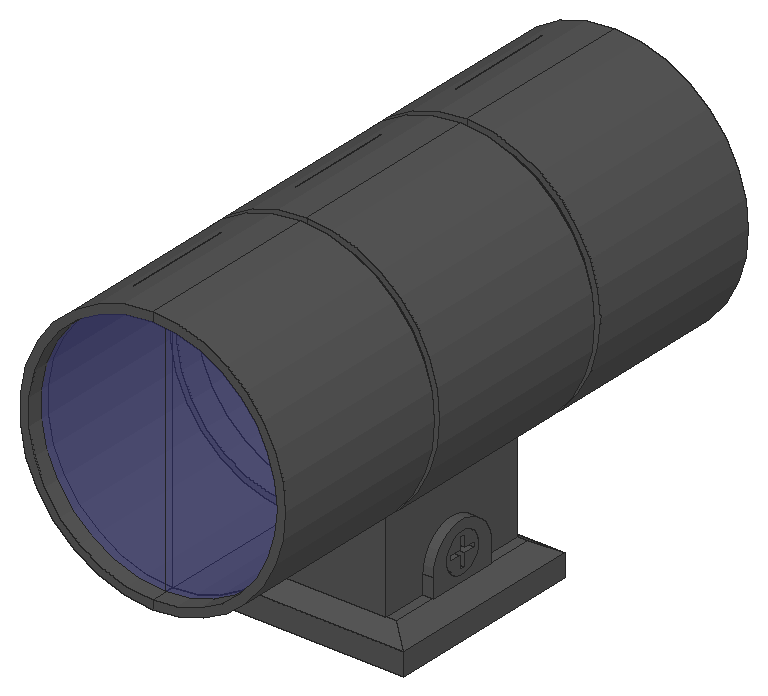
Revit family "CARLO CYLINDER LIGHT WALL MOUNT", category Lighting Fixtures, host Face, Revit 2020 (continued)
Types (10): name | Wattage_Input | Wattage Comments | Wattage | Photometric Web File | built-in parameter 1150142 | Model | built-in parameter 1150105 | Lumens | Light Length 1 | LIGHT RADIUS | LIGHT PLACEMENT | LIGHT LENGTH | LIGHT DIA | built-in parameter 1150106 | FIXED END HEIGHT | Curve base Height | Base Curve | BEAMING ANGLE | Apparent Load
     286.1 283.63 280.14 275.89 267.6 250.16 229.38 210.29 \r\n 190.12 167.18 143.34 119.82 96.813 74.269 54.066 37.905 26.271 21.442 \r\n 19.74 18.134 16.962 15.333 13.901 13.152 12.693 12.291 11.951 11.592 \r\n 11.236 10.877 10.526 10.2 9.8754 9.5292 9.1788 8.834 8.4951 8.1655 \r\n 7.845 7.538 7.2332 6.9159 6.6 6.2978 6.0003 5.7022 5.4038 5.0978 \r\n 4.8018 4.54 4.2851 4.0083 3.739 3.505 3.2826 3.0524 2.8292 2.6251 \r\n 2.4296 2.2344 2.0459 1.8694 1.7007 1.537 1.38 1.2273 1.0878 0.97262 \r\n 0.87307 0.783 0.70617 0.64669 0.59733 0.55105 0.5114 0.48152 0.45557 0.4281 \r\n 0.40346 0.38636 0.37027 0.34873 0.32627 0.30434 0.2858 0.27591 0.26893 0.26032 \r\n 0.25179 0.24352 0.23555 0.22824 0.22092 0.21263 0.20458 0.2007 0.1918 0.17003 \r\n 0.13537 0.075015 0.019458 0.0032744 0.0014064 0 0.000016 0 0 0 \r\n 0 0 0 0 0.00018387 0.007563 0.021632 0.041717 0.075336 0.14231 \r\n 0.20506 0.22207 0.22489 0.2342 0.24102 0.24174 0.24096 0.24201 0.2451 0.25149 \r\n 0.26134 0.27582 0.29319 0.3128 0.3326 0.34967 0.3659 0.38154 0.39857 0.41958 \r\n 0.44308 0.47082 0.50245 0.53684 0.57814 0.63271 0.6928 0.74677 0.81266 0.91158 \r\n 1.0227 1.126 1.2397 1.3796 1.5337 1.6937 1.8639 2.0478 2.2397 2.4338 \r\n 2.6341 2.8405 3.0596 3.3037 3.5552 3.7917 4.0396 4.3292 4.6256 4.8923 \r\n 5.1642 5.4743 5.7921 6.0898 6.3914 6.7192 7.0501 7.3656 7.6743 7.973 \r\n 8.2789 8.613 8.9611 9.3186 9.6777 10.019 10.372 10.769 11.181 11.602 \r\n 12.001 12.314 12.643 13.081 13.59 14.107 14.805 15.872 17.196 18.21 \r\n 20.471 24.872 32.844 46.725 64.689 86.355 109.73 132.39 155.22 178.68 \r\n 201.68 223.61 243.48 260.42 273.41 279.98 283.5 286.56 288.92 291.19 \r\n 293.34 295.54 297.86 300.3 303.25 307.55 311.83 314.63 317.1 319.94 \r\n 322.99 326.25 329.94 334.58 339.34 343.18 347.16 351.68 357.68 366.64 \r\n 377.35 388.7 401.89 417.67 436.32 458.13 483.76 513.87 548.72 589.07 \r\n 634.13 683.68 736.81 792.97 850.91 909.09 967.82 1027.3 1086.4 1143.8 \r\n 1199.4 1252.5 1303.5 1352.6 1400.2 1447 1492.8 1538 1581.9 1624.1 \r\n 1664.6 1704.2 1741.3 1774.9 1805.1 1831.5 1855.1 1876.7 1896.8 1915.7 \r\n 1933.3 1949.5 1964.1 1977 1987.8 1995.6 2001.7 2007.2 2011.2 2013.1 \r\n 2013.2 \r\n2008.1 2010.2 2006.2 2001.2 1994.8 1986.5 1976.3 1964 1949.5 1932.7 \r\n 1913.9 1893.3 1871 1847.8 1822.9 1796.5 1767.6 1734.9 1699.4 1661.2 \r\n 1621.3 1581.1 1540 1498 1454.8 1409.9 1363.2 1314.5 1263.5 1208.7 \r\n 1152.3 1096.5 1039.5 979.88 920.02 862.04 805.57 750.74 698.19 648.25 \r\n 601.98 560.55 524.03 493.39 467.12 444.1 424.24 407.21 392.54 379.64 \r\n 368.49 358.83 350.7 344.14 338.78 334.31 330.51 327.13 324.05 321.04 \r\n 318.16 315.46 312.68 309.56 306.24 302.59 299.14 296.57 294.34 292.19 \r\n 290.08 287.98 285.65 283.13 279.58 275.25 266.95 249.87 229.19 209.07 \r\n 187.86 164.89 141.38 118.32 95.688 73 52.665 36.928 25.793 21.19 \r\n 19.583 17.925 16.683 15.131 13.802 13.106 12.676 12.272 11.924 11.579 \r\n 11.241 10.89 10.543 10.216 9.8909 9.5471 9.1985 8.8503 8.508 8.1796 \r\n 7.8624 7.5622 7.2613 6.935 6.6091 6.3057 6.0106 5.7183 5.4251 5.1176 \r\n 4.8185 4.5559 4.3012 4.026 3.7585 3.5251 3.3022 3.0688 2.8427 2.639 \r\n 2.4449 2.2503 2.062 1.8837 1.7142 1.5546 1.4018 1.249 1.1087 0.99455 \r\n 0.89641 0.80751 0.7312 0.67072 0.61959 0.57092 0.52923 0.4995 0.4735 0.44599 \r\n 0.42096 0.40252 0.38522 0.36381 0.34172 0.31964 0.30049 0.28917 0.2805 0.27031 \r\n 0.26056 0.25174 0.24403 0.23849 0.23293 0.22478 0.21626 0.21219 0.20216 0.17592 \r\n 0.13782 0.08083 0.028903 0.010499 0.0050811 0.0010836 0.000057 0 0 0 \r\n 0 0 0 0 0.00012698 0.004203 0.015154 0.035818 0.07028 0.13515 \r\n 0.19568 0.21266 0.21609 0.22585 0.23305 0.23379 0.23292 0.23395 0.23702 0.24343 \r\n 0.25319 0.26726 0.28408 0.30289 0.32235 0.34067 0.35843 0.37474 0.39211 0.41334 \r\n 0.43681 0.46338 0.49353 0.5269 0.5669 0.61838 0.67659 0.73387 0.80386 0.9034 \r\n 1.0152 1.1227 1.2408 1.3821 1.5366 1.697 1.868 2.0547 2.2485 2.4384 \r\n 2.636 2.8504 3.0776 3.3191 3.5687 3.8156 4.0746 4.3652 4.6615 4.9344 \r\n 5.213 5.5261 5.8453 6.1427 6.4457 6.783 7.1229 7.4378 7.7444 8.0439 \r\n 8.3553 8.707 9.0724 9.4337 9.7942 10.144 10.506 10.914 11.332 11.741 \r\n 12.128 12.442 12.77 13.182 13.669 14.19 14.908 16.019 17.388 18.372 \r\n 20.686 25.413 33.801 48.116 66.386 87.915 111.14 134.14 157.3 180.72 \r\n 203.33 224.12 243.06 260.55 274.3 280.79 284.02 286.97 289.25 291.49 \r\n 293.65 295.83 298.16 300.65 303.65 307.97 312.27 315.13 317.66 320.52 \r\n 323.59 326.86 330.53 335.06 339.71 343.59 347.68 352.33 358.44 367.39 \r\n 378.11 389.59 402.99 419.05 437.99 459.95 485.8 516.48 551.97 592.83 \r\n 638.34 688.28 741.75 798.19 856.29 914.38 973.02 1032.8 1092 1148.7 \r\n 1203.5 1256.3 1307.3 1356.2 1403.8 1450.6 1496.5 1541.9 1586.1 1628.7 \r\n 1669.7 1709.1 1746.1 1779.6 1809.7 1836 1859.6 1881 1900.7 1919 \r\n 1936 1951.9 1966.2 1978.6 1989 1996.5 2002.3 2007.7 2011.6 2013.4 \r\n 2013.2 \r\n2008.1 2009.7 2005.4 2000.3 1993.8 1985.4 1975.2 1962.9 1948.5 1932 \r\n 1913.4 1892.5 1869.9 1846.1 1820.7 1793.6 1764.1 1731.2 1695.6 1657.2 \r\n 1617.1 1576.6 1535.3 1493.8 1450.9 1405.9 1359 1310.3 1259.1 1204.3 \r\n 1147.7 1091.4 1034.3 975.36 916.21 858.13 801.47 746.86 694.64 645 \r\n 599.07 558 521.88 491.78 465.96 442.89 422.9 406.04 391.58 378.76 \r\n 367.67 358.19 350.19 343.53 338.03 333.52 329.73 326.33 323.28 320.43 \r\n 317.73 315.12 312.4 309.26 305.91 302.28 298.86 296.28 294.04 291.87 \r\n 289.73 287.57 285.18 282.63 279.01 274.42 265.97 249.39 229 207.85 \r\n 185.55 162.53 139.35 116.76 94.542 71.714 51.245 35.944 25.315 20.929 \r\n 19.404 17.681 16.364 14.907 13.7 13.061 12.659 12.253 11.897 11.568 \r\n 11.249 10.907 10.563 10.237 9.9101 9.5684 9.2213 8.8696 8.5238 8.1963 \r\n 7.8821 7.5887 7.2916 6.9565 6.6204 6.3151 6.022 5.7365 5.4494 5.1404 \r\n 4.838 4.574 4.319 4.0453 3.7794 3.5465 3.3228 3.0861 2.8569 2.6537 \r\n 2.4609 2.267 2.0788 1.8985 1.728 1.5726 1.4244 1.2717 1.1308 1.0179 \r\n 0.92123 0.83357 0.75774 0.69599 0.64284 0.59185 0.54822 0.5185 0.49233 0.46493 \r\n 0.43966 0.41972 0.40104 0.37995 0.3585 0.33659 0.31698 0.30375 0.29282 0.28083 \r\n 0.26979 0.26052 0.25324 0.24972 0.24619 0.23845 0.2296 0.2251 0.21366 0.18299 \r\n 0.14158 0.088043 0.039716 0.018717 0.0093014 0.0028082 0.00010378 0 0 0 \r\n 0 0 0 0 0.000072 0.00087295 0.0086758 0.029733 0.064758 0.12707 \r\n 0.18511 0.20242 0.20694 0.21734 0.22499 0.22583 0.22492 0.22592 0.22892 0.23529 \r\n 0.24489 0.25842 0.27463 0.2927 0.31194 0.33163 0.35099 0.368 0.38569 0.40702 \r\n 0.4303 0.45542 0.48384 0.51617 0.55474 0.60247 0.65822 0.71903 0.79331 0.89273 \r\n 1.0046 1.1163 1.2388 1.3817 1.5368 1.6972 1.8684 2.0577 2.2532 2.4389 \r\n 2.6337 2.8559 3.0913 3.3299 3.5774 3.8347 4.1047 4.3959 4.6919 4.9716 \r\n 5.2573 5.5734 5.8937 6.1902 6.494 6.8405 7.1894 7.5038 7.8087 8.1096 \r\n 8.4273 8.797 9.1803 9.545 9.9068 10.265 10.636 11.053 11.473 11.868 \r\n 12.238 12.556 12.884 13.267 13.728 14.253 14.995 16.154 17.569 18.528 \r\n 20.887 25.894 34.653 49.401 67.985 89.366 112.43 135.75 159.23 182.62 \r\n 204.87 224.52 242.53 260.58 275.1 281.54 284.54 287.37 289.57 291.78 \r\n 293.93 296.11 298.44 300.99 304.05 308.36 312.66 315.61 318.22 321.1 \r\n 324.16 327.44 331.08 335.43 339.94 343.9 348.13 352.96 359.21 368.11 \r\n 378.78 390.4 404.01 420.35 439.56 461.64 487.68 518.84 554.9 596.2 \r\n 642.09 692.36 746.09 802.73 860.94 918.92 977.48 1037.6 1096.9 1152.9 \r\n 1206.9 1259.5 1310.5 1359.3 1406.9 1453.8 1499.9 1545.4 1589.9 1633 \r\n 1674.4 1713.9 1750.7 1784.1 1814.2 1840.6 1864.2 1885.5 1904.9 1922.7 \r\n 1939 1954.5 1968.5 1980.5 1990.4 1997.5 2003 2008.3 2012.1 2013.6 \r\n 2013.2 \r\n2008.1 2009.3 2004.7 1999.4 1992.9 1984.4 1974.1 1961.9 1947.7 1931.5 \r\n 1913 1892 1869 1844.8 1818.9 1791.2 1761.2 1728.1 1692.4 1653.8 \r\n 1613.5 1572.7 1531.3 1490.1 1447.6 1402.4 1355.3 1306.5 1255.3 1200.3 \r\n 1143.6 1086.9 1029.6 971.28 912.78 854.58 797.69 743.25 691.32 641.94 \r\n 596.3 555.55 519.81 490.25 464.84 441.69 421.55 404.87 390.62 377.87 \r\n 366.85 357.6 349.77 343.07 337.45 332.89 329.07 325.65 322.62 319.92 \r\n 317.37 314.85 312.16 309 305.61 302 298.6 296.02 293.77 291.58 \r\n 289.42 287.2 284.74 282.18 278.47 273.38 264.58 248.57 228.64 206.65 \r\n 183.41 160.35 137.43 115.26 93.406 70.482 49.93 35.038 24.875 20.683 \r\n 19.225 17.433 16.043 14.689 13.612 13.025 12.644 12.236 11.871 11.558 \r\n 11.257 10.922 10.583 10.257 9.9291 9.5892 9.2431 8.8883 8.5393 8.2122 \r\n 7.9005 7.6131 7.3196 6.9768 6.6318 6.3241 6.0324 5.7535 5.4725 5.1621 \r\n 4.8565 4.5909 4.3352 4.0625 3.7978 3.5652 3.3408 3.101 2.8689 2.6661 \r\n 2.4746 2.2813 2.0932 1.9109 1.7394 1.5878 1.4439 1.2917 1.1505 1.0388 \r\n 0.94342 0.8569 0.78152 0.71853 0.66351 0.61058 0.56537 0.53555 0.50915 0.48199 \r\n 0.45664 0.43518 0.41512 0.39443 0.37379 0.3524 0.3326 0.3174 0.30411 0.2904 \r\n 0.27821 0.26859 0.26181 0.26021 0.25863 0.25143 0.24238 0.23729 0.22439 0.1899 \r\n 0.14567 0.095107 0.049821 0.026416 0.013343 0.0044752 0.00014882 0 0 0 \r\n 0 0 0 0 0.000026 0 0.0032684 0.024415 0.059582 0.11933 \r\n 0.17499 0.1928 0.19858 0.20963 0.21775 0.21874 0.21782 0.21879 0.22174 0.2281 \r\n 0.23755 0.25059 0.26622 0.28367 0.30277 0.32375 0.34461 0.36223 0.38017 0.4015 \r\n 0.42452 0.4482 0.47494 0.50646 0.54383 0.58783 0.641 0.70508 0.78325 0.88197 \r\n 0.99317 1.1085 1.2353 1.3801 1.536 1.6958 1.8666 2.0583 2.2553 2.4372 \r\n 2.6294 2.8587 3.1015 3.3379 3.5835 3.85 4.1297 4.4216 4.7175 5.0034 \r\n 5.296 5.615 5.9365 6.2317 6.5358 6.8904 7.2474 7.5618 7.8656 8.1683 \r\n 8.4919 8.8784 9.278 9.6459 10.009 10.374 10.754 11.175 11.594 11.972 \r\n 12.326 12.649 12.98 13.334 13.77 14.303 15.069 16.274 17.733 18.671 \r\n 21.065 26.299 35.375 50.541 69.437 90.684 113.59 137.18 160.92 184.31 \r\n 206.26 224.91 242.1 260.61 275.8 282.21 285.01 287.74 289.86 292.04 \r\n 294.19 296.37 298.72 301.33 304.45 308.74 313.03 316.06 318.76 321.66 \r\n 324.71 327.98 331.57 335.73 340.08 344.12 348.51 353.53 359.93 368.75 \r\n 379.34 391.09 404.92 421.52 440.96 463.13 489.31 520.88 557.39 599.06 \r\n 645.27 695.82 749.74 806.5 864.74 922.62 981.11 1041.5 1100.9 1156.2 \r\n 1209.4 1262 1313 1361.9 1409.5 1456.5 1502.8 1548.5 1593.2 1636.9 \r\n 1678.8 1718.3 1755 1788.4 1818.5 1845.1 1868.8 1890.1 1909.2 1926.5 \r\n 1942.4 1957.5 1971.1 1982.7 1992.1 1998.7 2003.9 2008.9 2012.6 2013.9 \r\n 2013.2 \r\n2008.1 2009 2004.1 1998.7 1992 1983.5 1973.1 1961 1947 1931 \r\n 1912.8 1891.6 1868.3 1843.8 1817.6 1789.4 1758.9 1725.7 1689.9 1651.2 \r\n 1610.8 1569.8 1528.4 1487.4 1445.1 1399.9 1352.5 1303.7 1252.4 1197.3 \r\n 1140.4 1083.4 1026 968.06 910.05 851.71 794.59 740.25 688.51 639.33 \r\n 593.91 553.4 517.95 488.85 463.8 440.56 420.27 403.73 389.68 376.99 \r\n 366.05 357.05 349.46 342.76 337.08 332.47 328.61 325.17 322.16 319.56 \r\n 317.12 314.64 311.96 308.78 305.37 301.77 298.39 295.8 293.54 291.34 \r\n 289.15 286.87 284.34 281.82 277.99 272.13 262.72 247.26 227.93 205.49 \r\n 181.66 158.56 135.82 113.91 92.31 69.377 48.841 34.299 24.511 20.476 \r\n 19.069 17.213 15.761 14.506 13.551 13.002 12.632 12.22 11.85 11.548 \r\n 11.261 10.933 10.597 10.272 9.9442 9.6055 9.2598 8.9026 8.5513 8.2241 \r\n 7.9138 7.631 7.3404 6.9925 6.6411 6.3308 6.0394 5.7659 5.4902 5.1787 \r\n 4.8703 4.603 4.3462 4.0738 3.8098 3.5773 3.3523 3.1102 2.876 2.6734 \r\n 2.4826 2.2901 2.1021 1.918 1.7454 1.5969 1.4564 1.305 1.1641 1.0533 \r\n 0.9589 0.87328 0.79827 0.73439 0.67805 0.62388 0.57767 0.5477 0.52106 0.49425 \r\n 0.46896 0.44614 0.42483 0.40453 0.38474 0.36422 0.3447 0.32789 0.31258 0.29755 \r\n 0.28451 0.27469 0.26836 0.26826 0.2682 0.26153 0.25239 0.24662 0.23242 0.19528 \r\n 0.14914 0.10048 0.057143 0.032081 0.016481 0.0058025 0.00018377 0 0 0 \r\n 0 0 0 0 0 0 0 0.020817 0.055559 0.11316 \r\n 0.16696 0.18525 0.19212 0.20372 0.21222 0.21334 0.21246 0.21346 0.21642 0.22287 \r\n 0.23232 0.24503 0.26025 0.27724 0.29625 0.31825 0.34027 0.35835 0.37644 0.39771 \r\n 0.42046 0.44294 0.4684 0.49986 0.53631 0.57729 0.62823 0.69481 0.77587 0.87347 \r\n 0.98363 1.1017 1.2317 1.3787 1.5358 1.6945 1.8643 2.0578 2.2565 2.4353 \r\n 2.6255 2.8606 3.1095 3.3446 3.5893 3.8626 4.1496 4.4423 4.7386 5.0298 \r\n 5.3279 5.6498 5.9728 6.2668 6.5707 6.9315 7.2949 7.6099 7.9135 8.218 \r\n 8.5468 8.9464 9.3587 9.7295 10.093 10.465 10.849 11.271 11.685 12.046 \r\n 12.385 12.715 13.051 13.383 13.799 14.343 15.135 16.379 17.874 18.795 \r\n 21.215 26.616 35.944 51.493 70.691 91.844 114.61 138.37 162.29 185.69 \r\n 207.44 225.38 241.97 260.76 276.37 282.75 285.42 288.07 290.12 292.28 \r\n 294.42 296.6 298.98 301.67 304.85 309.12 313.38 316.49 319.27 322.19 \r\n 325.22 328.48 332.01 335.97 340.16 344.25 348.79 354 360.52 369.25 \r\n 379.76 391.63 405.66 422.48 442.12 464.37 490.65 522.49 559.32 601.29 \r\n 647.78 698.52 752.59 809.39 867.61 925.4 983.81 1044.4 1103.9 1158.5 \r\n 1211.2 1263.7 1314.9 1363.9 1411.6 1458.8 1505.2 1551.1 1596 1640.2 \r\n 1682.6 1722.2 1758.9 1792.3 1822.6 1849.4 1873.3 1894.6 1913.6 1930.5 \r\n 1946 1960.8 1974 1985.1 1994 2000.2 2004.9 2009.7 2013.1 2014.2 \r\n 2013.2 \r\n2008.1 2009.1 2004.2 1998.6 1991.7 1983 1972.6 1960.6 1946.7 1930.7 \r\n 1912.4 1891.3 1868.2 1844 1818.1 1790.1 1759.7 1726.3 1690.2 1651.8 \r\n 1611.7 1571.1 1529.8 1488.6 1446.1 1401 1353.7 1304.9 1253.5 1198.2 \r\n 1141.2 1084.4 1027.2 969.02 910.7 852.4 795.34 740.82 688.85 639.48 \r\n 593.88 553.16 517.54 488.5 463.51 440.11 419.65 403.1 389.07 376.26 \r\n 365.27 356.57 349.34 342.89 337.35 332.69 328.76 325.45 322.57 319.92 \r\n 317.35 314.7 311.88 308.72 305.36 301.73 298.31 295.73 293.48 291.31 \r\n 289.13 286.78 284.17 281.87 277.82 270.01 258.79 243.49 225.19 204.41 \r\n 182.07 159.15 136.04 113.58 91.553 69.027 49.003 34.453 24.539 20.494 \r\n 19.091 17.218 15.76 14.545 13.624 13.045 12.635 12.216 11.844 11.534 \r\n 11.239 10.911 10.577 10.257 9.9328 9.593 9.2458 8.8908 8.5413 8.2114 \r\n 7.8978 7.6132 7.3234 6.9828 6.6379 6.325 6.0288 5.7536 5.4768 5.1644 \r\n 4.8551 4.5868 4.3286 4.0537 3.7874 3.5541 3.3294 3.0899 2.8581 2.6538 \r\n 2.4611 2.2696 2.0828 1.8981 1.724 1.5731 1.431 1.2816 1.1429 1.0318 \r\n 0.93655 0.8505 0.77569 0.71341 0.65917 0.60713 0.56265 0.533 0.50654 0.48014 \r\n 0.45516 0.43209 0.41043 0.38981 0.37031 0.35173 0.33451 0.3193 0.30531 0.29143 \r\n 0.27925 0.26995 0.26366 0.26259 0.26156 0.25503 0.24625 0.24023 0.2262 0.19158 \r\n 0.14685 0.093521 0.046038 0.024298 0.013493 0.0047972 0.00015045 0 0 0 \r\n 0 0 0 0 0.000074 0.0010251 0.0082119 0.026579 0.058169 0.11676 \r\n 0.17209 0.18995 0.196 0.20725 0.21547 0.21624 0.21515 0.2163 0.21972 0.22708 \r\n 0.23763 0.25156 0.26776 0.28496 0.30371 0.32502 0.34627 0.36389 0.38168 0.40289 \r\n 0.42575 0.44895 0.47579 0.50957 0.54902 0.59245 0.64448 0.70868 0.78659 0.88282 \r\n 0.99175 1.107 1.2354 1.3858 1.5461 1.7025 1.8694 2.064 2.2647 2.4456 \r\n 2.6374 2.8715 3.1203 3.3615 3.6111 3.8796 4.1613 4.4575 4.7581 5.0472 \r\n 5.3431 5.6681 5.9948 6.2898 6.5935 6.9524 7.3149 7.6337 7.9413 8.2461 \r\n 8.573 8.9679 9.3761 9.7492 10.114 10.479 10.853 11.263 11.666 12.016 \r\n 12.35 12.689 13.041 13.396 13.836 14.401 15.204 16.432 17.907 18.83 \r\n 21.255 26.614 35.966 51.779 71.26 92.552 115.31 138.74 162.36 185.83 \r\n 207.91 226.67 243.83 261.91 276.63 282.88 285.62 288.27 290.34 292.48 \r\n 294.61 296.83 299.27 302.1 305.4 309.65 313.87 316.93 319.66 322.53 \r\n 325.52 328.75 332.26 336.18 340.31 344.29 348.75 354.02 360.63 369.3 \r\n 379.76 391.77 405.95 422.86 442.55 464.81 491.05 522.74 559.48 601.62 \r\n 648.32 699.14 753.2 809.95 868.09 925.83 984.14 1044.4 1103.7 1158.3 \r\n 1211.1 1263.6 1315 1364.4 1412.5 1459.9 1506.4 1552.3 1597.5 1642 \r\n 1684.6 1724.3 1761.2 1795 1825.7 1852.9 1877.1 1898.5 1917.6 1934.7 \r\n 1950.2 1964.8 1977.7 1988.5 1997 2002.5 2006.5 2010.7 2013.6 2014.4 \r\n 2013.2 \r\n2008.1 2009.3 2004.4 1998.6 1991.5 1982.6 1972.1 1960.2 1946.4 1930.4 \r\n 1912.1 1891.1 1868.3 1844.5 1818.9 1791.3 1761.2 1727.5 1691.3 1653.2 \r\n 1613.6 1573.3 1532.3 1490.8 1448 1402.9 1355.8 1306.9 1255.5 1200 \r\n 1142.8 1086.3 1029.3 970.71 911.91 853.63 796.64 741.87 689.58 639.97 \r\n 594.13 553.11 517.26 488.16 463.15 439.61 419.02 402.48 388.45 375.52 \r\n 364.51 356.11 349.28 343.13 337.8 333.11 329.11 325.94 323.16 320.4 \r\n 317.66 314.81 311.84 308.7 305.39 301.73 298.27 295.68 293.45 291.32 \r\n 289.16 286.73 284.05 282 277.71 267.85 254.72 239.48 222.2 203.38 \r\n 182.83 160.07 136.51 113.36 90.812 68.773 49.355 34.746 24.632 20.548 \r\n 19.139 17.264 15.815 14.628 13.722 13.1 12.
